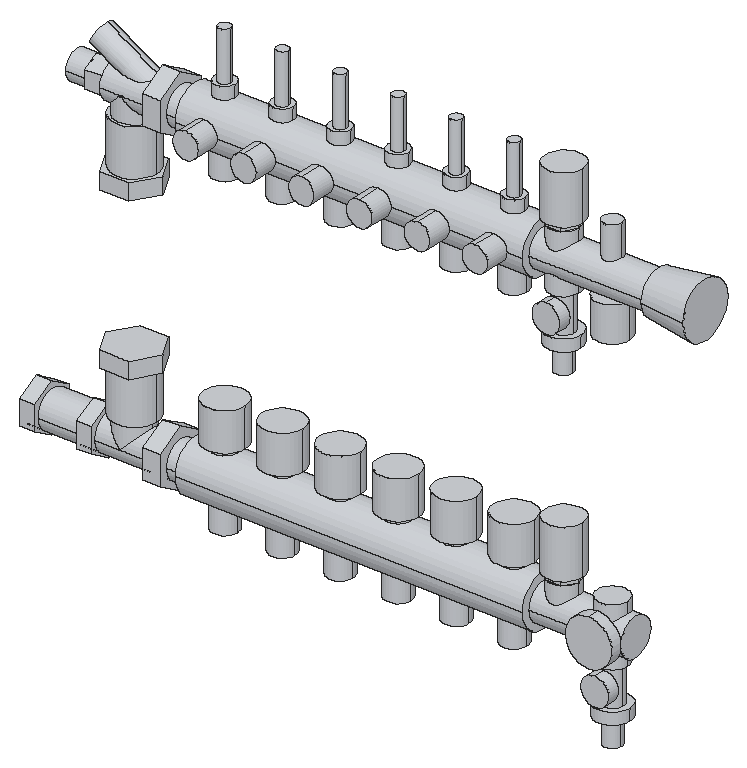
Revit family "318_1dab38ccfa9a4ba2b3cf6a35155c06", category Pipe Accessories, Revit 2017
Family settings
  Round Connector Dimension = Use Diameter
  Part Type = Valve - Normal
  Work Plane-Based = No
  Always vertical = Yes
  Cut with Voids When Loaded = No
  Shared = No
Parameters (values of type "R557FY006")
  magi_piping_qv_2_6 [instance] = 0.0 L/s
  magi_piping_qv_2_5 [instance] = 0.0 L/s
  magi_piping_qv_2_4 [instance] = 0.0 L/s
  magi_piping_qv_2_3 [instance] = 0.0 L/s
  magi_piping_qv_2_2 [instance] = 0.0 L/s
  magi_piping_qv_2_1 [instance] = 0.0 L/s
  magi_piping_qv_1_6 [instance] = 0.0 L/s
  magi_piping_qv_1_5 [instance] = 0.0 L/s
  magi_piping_qv_1_4 [instance] = 0.0 L/s
  magi_piping_qv_1_3 [instance] = 0.0 L/s
  magi_piping_qv_1_2 [instance] = 0.0 L/s
  magi_piping_qv_1_1 [instance] = 0.0 L/s
  magi_piping_qv [instance] = 0.0 L/s
  magi_piping_power_6 [instance] = 0 W
  magi_piping_power_5 [instance] = 0 W
  magi_piping_power_4 [instance] = 0 W
  magi_piping_power_3 [instance] = 0 W
  magi_piping_power_2 [instance] = 0 W
  magi_piping_power_1 [instance] = 0 W
  magi_piping_kv_6 [instance] = 0
  magi_piping_kv_5 [instance] = 0
  magi_piping_kv_4 [instance] = 0
  magi_piping_kv_3 [instance] = 0
  magi_piping_kv_2 [instance] = 0
  magi_piping_kv_1 [instance] = 0
  magi_piping_dpTot_6 [instance] = 0.0 Pa
  magi_piping_dpTot_5 [instance] = 0.0 Pa
  magi_piping_dpTot_4 [instance] = 0.0 Pa
  magi_piping_dpTot_3 [instance] = 0.0 Pa
  magi_piping_dpTot_2 [instance] = 0.0 Pa
  magi_piping_dpTot_1 [instance] = 0.0 Pa
  magi_adjustmentValue_6 [instance] = ""
  magi_adjustmentValue_5 [instance] = ""
  magi_adjustmentValue_4 [instance] = ""
  magi_adjustmentValue_3 [instance] = ""
  magi_adjustmentValue_2 [instance] = ""
  magi_adjustmentValue_1 [instance] = ""
  magiProductId = "1dab38ccfa9a4ba2b3cf6a35155c06"
  magiProductFamilyId = "1dab38ccfa9a4ba2b3cf6a35155c06"
  magiProductCode = "R557FY006"
  magiPartTypeId = 318
  X1 = 127 mm
  VersionID = "2.0/2016.10.37.0/GIACOMINI_R557FY_001"
  VL2__ve = -VL2  # -137 mm
  VL2 = 137 mm
  VL1 = 102 mm
  URL = "http://www.giacomini.com/en"
  SMP = 25 mm
  SBP9 = 18 mm
  SBP8 = 18 mm
  SBP7 = 18 mm
  SBP6 = 18 mm
  SBP5 = 18 mm
  SBP4 = 18 mm
  SBP3 = 18 mm
  SBP2 = 18 mm
  SBP12 = 18 mm
  SBP11 = 18 mm
  SBP10 = 18 mm
  SBP1 = 18 mm
  RMP = 25 mm
  RBP9 = 18 mm
  RBP8 = 18 mm
  RBP7 = 18 mm
  RBP6 = 18 mm
  RBP5 = 18 mm
  RBP4 = 18 mm
  RBP3 = 18 mm
  RBP2 = 18 mm
  RBP12 = 18 mm
  RBP11 = 18 mm
  RBP10 = 18 mm
  RBP1 = 18 mm
  R2 = 22 mm
  QmdConnectorList = "321;SMP;322;SBP1;323;SBP2;324;SBP3;325;SBP4;326;SBP5;327;SBP6;351;RMP;352;RBP1;353;RBP2;354;RBP3;355;RBP4;356;RBP5;357;RBP6"
  Productdata [instance] = "© Progman Oy, all rights reserved"
  N9 = no
  N8 = no
  N7 = no
  N6 = yes
  N5 = yes
  N4 = yes
  N3 = yes
  N12 = no
  N11 = no
  N10 = no
  Manufacturer = "Giacomini"
  MC_Default_elevation = 0 mm
  L = 300 mm
  I = 50 mm
  H5 = 33 mm
  H4 = 5 mm
  H3__ve = -H3  # -40 mm
  H3 = 40 mm
  H2__ve = -H2  # -20 mm
  H2 = 20 mm
  H12 = 42 mm
  H11 = 10 mm
  Flow supply main [instance] = Flow supply 1 + Flow supply 2 + Flow supply 3 + Flow supply 4 + Flow supply 5 + Flow supply 6  # 0.0 L/s
  Flow supply 6 [instance] = 0.0 L/s
  Flow supply 5 [instance] = 0.0 L/s
  Flow supply 4 [instance] = 0.0 L/s
  Flow supply 3 [instance] = 0.0 L/s
  Flow supply 2 [instance] = 0.0 L/s
  Flow supply 1 [instance] = 0.0 L/s
  Flow return main [instance] = Flow return 1 + Flow return 2 + Flow return 3 + Flow return 4 + Flow return 5 + Flow return 6  # 0.0 L/s
  Flow return 6 [instance] = 0.0 L/s
  Flow return 5 [instance] = 0.0 L/s
  Flow return 4 [instance] = 0.0 L/s
  Flow return 3 [instance] = 0.0 L/s
  Flow return 2 [instance] = 0.0 L/s
  Flow return 1 [instance] = 0.0 L/s
  E = 274 mm
  Description = "PREASSEMBLED MANIFOLD WITH FLOW METERS"
  D4 = 22 mm
  D32 = 10 mm
  D31 = 18 mm
  D2 = 44 mm
  CAT0 = yes
Reference planes
  plane 1 "Center (Front/Back)": y = 0
  plane 2 "XYPLANE": z = 0
  plane 3 "Center (Left/Right)": x = 0
  plane 4 "INIT_TEMP": y = 100
  plane 5 "386": y = -16
  plane 6 "385": z = -41
  plane 7 "384": z = -67
  plane 8 "383": z = -57
  plane 9 "382": y = -9
  plane 10 "381": z = -315
  plane 11 "380": z = -341
  plane 12 "379": z = -331
  plane 13 "378": z = -213
  plane 14 "377": z = -253
  plane 15 "376": z = -61
  plane 16 "375": z = -21
  plane 17 "374": x = 49
  plane 18 "373": x = 77
  plane 19 "372": x = 17
  plane 20 "371": x = 32
  plane 21 "370": x = -35
  plane 22 "369": x = 27
  plane 23 "368": x = 89
  plane 24 "367": x = -35
  plane 25 "366": x = 102
  plane 26 "365": z = -314
  plane 27 "364": z = -247
  plane 28 "363": z = -252
  plane 29 "362": z = -40
  plane 30 "361": x = 0
  plane 31 "360": y = 0
  plane 32 "359": z = -274
  plane 33 "358": z = 0
  plane 34 "357": z = 22
  plane 35 "356": x = 127
  plane 36 "355": x = 177
  plane 37 "354": y = -22
  plane 38 "353": x = 227
  plane 39 "352": z = 32
  plane 40 "351": x = 277
  plane 41 "350": x = 327
  plane 42 "349": x = 377
  plane 43 "348": x = 427
  plane 44 "347": x = 477
  plane 45 "346": x = 527
  plane 46 "345": x = 577
  plane 47 "344": x = 627
  plane 48 "343": x = 677
  plane 49 "342": x = 402
  plane 50 "341": x = 502
  plane 51 "340": x = 542
  plane 52 "339": x = 420
  plane 53 "338": z = -25
  plane 54 "337": z = 25
  plane 55 "336": z = 30
  plane 56 "335": z = -249
  plane 57 "334": z = -244
  plane 58 "333": z = -16
  plane 59 "332": x = 462
  plane 60 "331": z = -299
  plane 61 "1099": through (77, -750, 0) normal (0.866, 0, -0.5)
Forms (mm)
  Extrusion 1, solid
    sketch origin (750, -16, 0) x (-1, 0, 0) y (0, 0, 1)
      loop
        circle (288, -274) r 20
    from 0 to -10
  Extrusion 2, solid
    sketch origin (-750, 0, -67) x (1, 0, 0) y (0, 1, 0)
      loop
        circle (1170, 0) r 7.5
    from 0 to -22
  Extrusion 3, solid
    sketch origin (750, -9, 0) x (-1, 0, 0) y (0, 0, 1)
      loop
        circle (330, -41) r 12
    from 0 to -10
  Extrusion 4, solid
    sketch origin (750, -9, 0) x (-1, 0, 0) y (0, 0, 1)
      loop
        circle (288, -315) r 12
    from 0 to -10
  Extrusion 5, solid
    sketch origin (-750, 0, -341) x (1, 0, 0) y (0, 1, 0)
      loop
        circle (1212, 0) r 7.5
    from 0 to -22
  Extrusion 6, solid
    sketch origin (-750, 0, -57) x (1, 0, 0) y (0, 1, 0)
      loop
        circle (1170, 0) r 15
    from 0 to -10
  Extrusion 7, solid
    sketch origin (-750, 0, -331) x (1, 0, 0) y (0, 1, 0)
      loop
        circle (1212, 0) r 15
    from 0 to -10
  Extrusion 8, solid
    sketch origin (-750, 0, -299) x (1, 0, 0) y (0, 1, 0)
      loop
        circle (1212, 0) r 9
    from 0 to -32
  Extrusion 9, solid
    sketch origin (-750, 0, -253) x (1, 0, 0) y (0, 1, 0)
      loop
        circle (799, 0) r 19
    from 0 to 40
  Extrusion 10, solid
    sketch origin (-750, 0, -274) x (1, 0, 0) y (0, 1, 0)
      loop
        circle (799, 0) r 16
    from 0 to 21
  Extrusion 11, solid
    sketch origin (-750, 0, -213) x (1, 0, 0) y (0, 1, 0)
      loop
        line (824, 0) -> (811.5, 21.651) -> (786.5, 21.651) -> (774, 0) -> (786.5, -21.651) -> (811.5, -21.651) -> (824, 0)
    from 0 to 14
  Extrusion 12, solid
    sketch origin (-750, 0, -61) x (1, 0, 0) y (0, 1, 0)
      loop
        line (774, 0) -> (786.5, -21.651) -> (811.5, -21.651) -> (824, 0) -> (811.5, 21.651) -> (786.5, 21.651) -> (774, 0)
    from 0 to -14
  Extrusion 13, solid
    sketch origin (-750, 0, 0) x (1, 0, 0) y (0, 1, 0)
      loop
        circle (799, 0) r 16
    from 0 to -21
  Extrusion 14, solid
    sketch origin (-750, 0, -21) x (1, 0, 0) y (0, 1, 0)
      loop
        circle (799, 0) r 19
    from 0 to -40
  Extrusion 15, solid
    sketch origin (77, -750, 0) x (0, 1, 0) y (0.5, 0, 0.866025)
      loop
        circle (750, 0) r 10.5
    from 0 to -65
  Extrusion 16, solid, visible <- "CAT0"
    sketch origin (17, -750, 0) x (0, 1, 0) y (0, 0, 1)
      loop
        circle (750, 0) r 12.5
    from 0 to -17
  Extrusion 17, solid
    sketch origin (32, -750, 0) x (0, 1, 0) y (0, 0, 1)
      loop
        line (750, 15) -> (737.01, 7.5) -> (737.01, -7.5) -> (750, -15) -> (762.99, -7.5) -> (762.99, 7.5) -> (750, 15)
    from 0 to -15
  Extrusion 18, solid
    sketch origin (-35, -750, 0) x (0, 1, 0) y (0, 0, 1)
      loop
        line (750, -253) -> (731.813, -263.5) -> (731.813, -284.5) -> (750, -295) -> (768.187, -284.5) -> (768.187, -263.5) -> (750, -253)
    from 0 to 13
  Extrusion 19, solid
    sketch origin (27, -750, 0) x (0, 1, 0) y (0, 0, 1)
      loop
        line (750, -253) -> (731.813, -263.5) -> (731.813, -284.5) -> (750, -295) -> (768.187, -284.5) -> (768.187, -263.5) -> (750, -253)
    from 0 to -13
  Extrusion 20, solid
    sketch origin (102, -750, 0) x (0, 1, 0) y (0, 0, 1)
      loop
        circle (750, 0) r 16
    from 0 to -70
  Extrusion 21, solid
    sketch origin (89, -750, 0) x (0, 1, 0) y (0, 0, 1)
      loop
        line (750, 25) -> (728.349, 12.5) -> (728.349, -12.5) -> (750, -25) -> (771.651, -12.5) -> (771.651, 12.5) -> (750, 25)
    from 0 to -15
  Extrusion 22, solid
    sketch origin (89, -750, 0) x (0, 1, 0) y (0, 0, 1)
      loop
        line (750, -249) -> (728.349, -261.5) -> (728.349, -286.5) -> (750, -299) -> (771.651, -286.5) -> (771.651, -261.5) -> (750, -249)
    from 0 to -15
  Extrusion 23, solid
    sketch origin (102, -750, 0) x (0, 1, 0) y (0, 0, 1)
      loop
        circle (750, -274) r 16
    from 0 to -137 <- "VL2__ve"
  Extrusion 24, solid, visible <- "N10"
    sketch origin (-750, 0, -274) x (1, 0, 0) y (0, 1, 0)
      loop
        circle (1327, 0) r 11
    from 0 to -40 <- "H3__ve"
  Extrusion 25, solid, visible <- "N10"
    sketch origin (-750, 0, -252) x (1, 0, 0) y (0, 1, 0)
      loop
        circle (1327, 0) r 11
    from 0 to 5 <- "H4"
  Extrusion 26, solid, visible <- "N10"
    sketch origin (-750, 0, -247) x (1, 0, 0) y (0, 1, 0)
      loop
        circle (1327, 0) r 17.5
    from 0 to 33 <- "H5"
  Extrusion 27, solid, visible <- "N12"
    sketch origin (-750, 0, -247) x (1, 0, 0) y (0, 1, 0)
      loop
        circle (1427, 0) r 17.5
    from 0 to 33 <- "H5"
  Extrusion 28, solid, visible <- "N12"
    sketch origin (-750, 0, -252) x (1, 0, 0) y (0, 1, 0)
      loop
        circle (1427, 0) r 11
    from 0 to 5 <- "H4"
  Extrusion 29, solid, visible <- "N12"
    sketch origin (-750, 0, -274) x (1, 0, 0) y (0, 1, 0)
      loop
        circle (1427, 0) r 11
    from 0 to -40 <- "H3__ve"
  Extrusion 30, solid, visible <- "N11"
    sketch origin (-750, 0, -274) x (1, 0, 0) y (0, 1, 0)
      loop
        circle (1377, 0) r 11
    from 0 to -40 <- "H3__ve"
  Extrusion 31, solid, visible <- "N11"
    sketch origin (-750, 0, -252) x (1, 0, 0) y (0, 1, 0)
      loop
        circle (1377, 0) r 11
    from 0 to 5 <- "H4"
  Extrusion 32, solid, visible <- "N11"
    sketch origin (-750, 0, -247) x (1, 0, 0) y (0, 1, 0)
      loop
        circle (1377, 0) r 17.5
    from 0 to 33 <- "H5"
  Extrusion 33, solid, visible <- "N8"
    sketch origin (-750, 0, -247) x (1, 0, 0) y (0, 1, 0)
      loop
        circle (1227, 0) r 17.5
    from 0 to 33 <- "H5"
  Extrusion 34, solid, visible <- "N8"
    sketch origin (-750, 0, -252) x (1, 0, 0) y (0, 1, 0)
      loop
        circle (1227, 0) r 11
    from 0 to 5 <- "H4"
  Extrusion 35, solid, visible <- "N8"
    sketch origin (-750, 0, -274) x (1, 0, 0) y (0, 1, 0)
      loop
        circle (1227, 0) r 11
    from 0 to -40 <- "H3__ve"
  Extrusion 36, solid, visible <- "N9"
    sketch origin (-750, 0, -274) x (1, 0, 0) y (0, 1, 0)
      loop
        circle (1277, 0) r 11
    from 0 to -40 <- "H3__ve"
  Extrusion 37, solid, visible <- "N9"
    sketch origin (-750, 0, -252) x (1, 0, 0) y (0, 1, 0)
      loop
        circle (1277, 0) r 11
    from 0 to 5 <- "H4"
  Extrusion 38, solid, visible <- "N9"
    sketch origin (-750, 0, -247) x (1, 0, 0) y (0, 1, 0)
      loop
        circle (1277, 0) r 17.5
    from 0 to 33 <- "H5"
  Extrusion 39, solid, visible <- "N7"
    sketch origin (-750, 0, -247) x (1, 0, 0) y (0, 1, 0)
      loop
        circle (1177, 0) r 17.5
    from 0 to 33 <- "H5"
  Extrusion 40, solid, visible <- "N7"
    sketch origin (-750, 0, -252) x (1, 0, 0) y (0, 1, 0)
      loop
        circle (1177, 0) r 11
    from 0 to 5 <- "H4"
  Extrusion 41, solid, visible <- "N7"
    sketch origin (-750, 0, -274) x (1, 0, 0) y (0, 1, 0)
      loop
        circle (1177, 0) r 11
    from 0 to -40 <- "H3__ve"
  Extrusion 42, solid, visible <- "N6"
    sketch origin (-750, 0, -274) x (1, 0, 0) y (0, 1, 0)
      loop
        circle (1127, 0) r 11
    from 0 to -40 <- "H3__ve"
  Extrusion 43, solid, visible <- "N6"
    sketch origin (-750, 0, -252) x (1, 0, 0) y (0, 1, 0)
      loop
        circle (1127, 0) r 11
    from 0 to 5 <- "H4"
  Extrusion 44, solid, visible <- "N6"
    sketch origin (-750, 0, -247) x (1, 0, 0) y (0, 1, 0)
      loop
        circle (1127, 0) r 17.5
    from 0 to 33 <- "H5"
  Extrusion 45, solid, visible <- "N5"
    sketch origin (-750, 0, -247) x (1, 0, 0) y (0, 1, 0)
      loop
        circle (1077, 0) r 17.5
    from 0 to 33 <- "H5"
  Extrusion 46, solid, visible <- "N5"
    sketch origin (-750, 0, -252) x (1, 0, 0) y (0, 1, 0)
      loop
        circle (1077, 0) r 11
    from 0 to 5 <- "H4"
  Extrusion 47, solid, visible <- "N5"
    sketch origin (-750, 0, -274) x (1, 0, 0) y (0, 1, 0)
      loop
        circle (1077, 0) r 11
    from 0 to -40 <- "H3__ve"
  Extrusion 48, solid, visible <- "N4"
    sketch origin (-750, 0, -274) x (1, 0, 0) y (0, 1, 0)
      loop
        circle (1027, 0) r 11
    from 0 to -40 <- "H3__ve"
  Extrusion 49, solid, visible <- "N4"
    sketch origin (-750, 0, -252) x (1, 0, 0) y (0, 1, 0)
      loop
        circle (1027, 0) r 11
    from 0 to 5 <- "H4"
  Extrusion 50, solid, visible <- "N4"
    sketch origin (-750, 0, -247) x (1, 0, 0) y (0, 1, 0)
      loop
        circle (1027, 0) r 17.5
    from 0 to 33 <- "H5"
  Extrusion 51, solid, visible <- "N3"
    sketch origin (-750, 0, -247) x (1, 0, 0) y (0, 1, 0)
      loop
        circle (977, 0) r 17.5
    from 0 to 33 <- "H5"
  Extrusion 52, solid, visible <- "N3"
    sketch origin (-750, 0, -252) x (1, 0, 0) y (0, 1, 0)
      loop
        circle (977, 0) r 11
    from 0 to 5 <- "H4"
  Extrusion 53, solid
    sketch origin (-750, 0, -252) x (1, 0, 0) y (0, 1, 0)
      loop
        circle (927, 0) r 11
    from 0 to 5 <- "H4"
  Extrusion 54, solid
    sketch origin (-750, 0, -247) x (1, 0, 0) y (0, 1, 0)
      loop
        circle (927, 0) r 17.5
    from 0 to 33 <- "H5"
  Extrusion 55, solid
    sketch origin (-750, 0, -247) x (1, 0, 0) y (0, 1, 0)
      loop
        circle (877, 0) r 17.5
    from 0 to 33 <- "H5"
  Extrusion 56, solid
    sketch origin (-750, 0, -252) x (1, 0, 0) y (0, 1, 0)
      loop
        circle (877, 0) r 11
    from 0 to 5 <- "H4"
  Extrusion 57, solid, visible <- "N3"
    sketch origin (-750, 0, -274) x (1, 0, 0) y (0, 1, 0)
      loop
        circle (977, 0) r 11
    from 0 to -40 <- "H3__ve"
  Extrusion 58, solid
    sketch origin (-750, 0, -274) x (1, 0, 0) y (0, 1, 0)
      loop
        circle (877, 0) r 11
    from 0 to -40 <- "H3__ve"
  Extrusion 59, solid
    sketch origin (-750, 0, -274) x (1, 0, 0) y (0, 1, 0)
      loop
        circle (927, 0) r 11
    from 0 to -40 <- "H3__ve"
  Extrusion 60, solid
    sketch origin (102, -750, 0) x (0, 1, 0) y (0, 0, 1)
      loop
        circle (750, -274) r 22
    from 0 to 300 <- "L"
  Extrusion 61, solid, visible <- "N8"
    sketch origin (-750, 0, 0) x (1, 0, 0) y (0, 1, 0)
      loop
        circle (1227, 0) r 11
    from 0 to -40 <- "H3__ve"
  Extrusion 62, solid, visible <- "N9"
    sketch origin (-750, 0, 0) x (1, 0, 0) y (0, 1, 0)
      loop
        circle (1277, 0) r 11
    from 0 to -40 <- "H3__ve"
  Extrusion 63, solid, visible <- "N10"
    sketch origin (-750, 0, 0) x (1, 0, 0) y (0, 1, 0)
      loop
        circle (1327, 0) r 11
    from 0 to -40 <- "H3__ve"
  Extrusion 64, solid, visible <- "N11"
    sketch origin (-750, 0, 0) x (1, 0, 0) y (0, 1, 0)
      loop
        circle (1377, 0) r 11
    from 0 to -40 <- "H3__ve"
  Extrusion 65, solid, visible <- "N12"
    sketch origin (-750, 0, 0) x (1, 0, 0) y (0, 1, 0)
      loop
        circle (1427, 0) r 11
    from 0 to -40 <- "H3__ve"
  Extrusion 66, solid, visible <- "N7"
    sketch origin (-750, 0, 0) x (1, 0, 0) y (0, 1, 0)
      loop
        circle (1177, 0) r 11
    from 0 to -40 <- "H3__ve"
  Extrusion 67, solid, visible <- "N6"
    sketch origin (-750, 0, 0) x (1, 0, 0) y (0, 1, 0)
      loop
        circle (1127, 0) r 11
    from 0 to -40 <- "H3__ve"
  Extrusion 68, solid, visible <- "N5"
    sketch origin (-750, 0, 0) x (1, 0, 0) y (0, 1, 0)
      loop
        circle (1077, 0) r 11
    from 0 to -40 <- "H3__ve"
  Extrusion 69, solid, visible <- "N4"
    sketch origin (-750, 0, 0) x (1, 0, 0) y (0, 1, 0)
      loop
        circle (1027, 0) r 11
    from 0 to -40 <- "H3__ve"
  Extrusion 70, solid, visible <- "N3"
    sketch origin (-750, 0, 0) x (1, 0, 0) y (0, 1, 0)
      loop
        circle (977, 0) r 11
    from 0 to -40 <- "H3__ve"
  Extrusion 71, solid
    sketch origin (-750, 0, 0) x (1, 0, 0) y (0, 1, 0)
      loop
        circle (927, 0) r 11
    from 0 to -40 <- "H3__ve"
  Extrusion 72, solid
    sketch origin (-750, 0, 0) x (1, 0, 0) y (0, 1, 0)
      loop
        circle (877, 0) r 11
    from 0 to -40 <- "H3__ve"
  Extrusion 73, solid
    sketch origin (102, -750, 0) x (0, 1, 0) y (0, 0, 1)
      loop
        circle (750, 0) r 22
    from 0 to 300 <- "L"
  Extrusion 74, solid
    sketch origin (-750, 0, 22) x (1, 0, 0) y (0, 1, 0)
      loop
        circle (877, 0) r 9
    from 0 to 10 <- "H11"
  Extrusion 75, solid
    sketch origin (750, -22, 0) x (-1, 0, 0) y (0, 0, 1)
      loop
        circle (623, 0) r 11
    from 0 to -20 <- "H2__ve"
  Extrusion 76, solid
    sketch origin (750, -22, 0) x (-1, 0, 0) y (0, 0, 1)
      loop
        circle (573, 0) r 11
    from 0 to -20 <- "H2__ve"
  Extrusion 77, solid, visible <- "N3"
    sketch origin (750, -22, 0) x (-1, 0, 0) y (0, 0, 1)
      loop
        circle (523, 0) r 11
    from 0 to -20 <- "H2__ve"
  Extrusion 78, solid
    sketch origin (-750, 0, 32) x (1, 0, 0) y (0, 1, 0)
      loop
        circle (877, 0) r 5
    from 0 to 42 <- "H12"
  Extrusion 79, solid
    sketch origin (-750, 0, 32) x (1, 0, 0) y (0, 1, 0)
      loop
        circle (927, 0) r 5
    from 0 to 42 <- "H12"
  Extrusion 80, solid
    sketch origin (-750, 0, 22) x (1, 0, 0) y (0, 1, 0)
      loop
        circle (927, 0) r 9
    from 0 to 10 <- "H11"
  Extrusion 81, solid, visible <- "N3"
    sketch origin (-750, 0, 22) x (1, 0, 0) y (0, 1, 0)
      loop
        circle (977, 0) r 9
    from 0 to 10 <- "H11"
  Extrusion 82, solid, visible <- "N3"
    sketch origin (-750, 0, 32) x (1, 0, 0) y (0, 1, 0)
      loop
        circle (977, 0) r 5
    from 0 to 42 <- "H12"
  Extrusion 83, solid, visible <- "N4"
    sketch origin (-750, 0, 32) x (1, 0, 0) y (0, 1, 0)
      loop
        circle (1027, 0) r 5
    from 0 to 42 <- "H12"
  Extrusion 84, solid, visible <- "N4"
    sketch origin (-750, 0, 22) x (1, 0, 0) y (0, 1, 0)
      loop
        circle (1027, 0) r 9
    from 0 to 10 <- "H11"
  Extrusion 85, solid, visible <- "N4"
    sketch origin (750, -22, 0) x (-1, 0, 0) y (0, 0, 1)
      loop
        circle (473, 0) r 11
    from 0 to -20 <- "H2__ve"
  Extrusion 86, solid, visible <- "N5"
    sketch origin (750, -22, 0) x (-1, 0, 0) y (0, 0, 1)
      loop
        circle (423, 0) r 11
    from 0 to -20 <- "H2__ve"
  Extrusion 87, solid, visible <- "N5"
    sketch origin (-750, 0, 22) x (1, 0, 0) y (0, 1, 0)
      loop
        circle (1077, 0) r 9
    from 0 to 10 <- "H11"
  Extrusion 88, solid, visible <- "N5"
    sketch origin (-750, 0, 32) x (1, 0, 0) y (0, 1, 0)
      loop
        circle (1077, 0) r 5
    from 0 to 42 <- "H12"
  Extrusion 89, solid, visible <- "N6"
    sketch origin (-750, 0, 32) x (1, 0, 0) y (0, 1, 0)
      loop
        circle (1127, 0) r 5
    from 0 to 42 <- "H12"
  Extrusion 90, solid, visible <- "N6"
    sketch origin (-750, 0, 22) x (1, 0, 0) y (0, 1, 0)
      loop
        circle (1127, 0) r 9
    from 0 to 10 <- "H11"
  Extrusion 91, solid, visible <- "N6"
    sketch origin (750, -22, 0) x (-1, 0, 0) y (0, 0, 1)
      loop
        circle (373, 0) r 11
    from 0 to -20 <- "H2__ve"
  Extrusion 92, solid, visible <- "N7"
    sketch origin (750, -22, 0) x (-1, 0, 0) y (0, 0, 1)
      loop
        circle (323, 0) r 11
    from 0 to -20 <- "H2__ve"
  Extrusion 93, solid, visible <- "N7"
    sketch origin (-750, 0, 22) x (1, 0, 0) y (0, 1, 0)
      loop
        circle (1177, 0) r 9
    from 0 to 10 <- "H11"
  Extrusion 94, solid, visible <- "N7"
    sketch origin (-750, 0, 32) x (1, 0, 0) y (0, 1, 0)
      loop
        circle (1177, 0) r 5
    from 0 to 42 <- "H12"
  Extrusion 95, solid, visible <- "N8"
    sketch origin (-750, 0, 32) x (1, 0, 0) y (0, 1, 0)
      loop
        circle (1227, 0) r 5
    from 0 to 42 <- "H12"
  Extrusion 96, solid, visible <- "N8"
    sketch origin (-750, 0, 22) x (1, 0, 0) y (0, 1, 0)
      loop
        circle (1227, 0) r 9
    from 0 to 10 <- "H11"
  Extrusion 97, solid, visible <- "N8"
    sketch origin (750, -22, 0) x (-1, 0, 0) y (0, 0, 1)
      loop
        circle (273, 0) r 11
    from 0 to -20 <- "H2__ve"
  Extrusion 98, solid, visible <- "N10"
    sketch origin (750, -22, 0) x (-1, 0, 0) y (0, 0, 1)
      loop
        circle (173, 0) r 11
    from 0 to -20 <- "H2__ve"
  Extrusion 99, solid, visible <- "N10"
    sketch origin (-750, 0, 22) x (1, 0, 0) y (0, 1, 0)
      loop
        circle (1327, 0) r 9
    from 0 to 10 <- "H11"
  Extrusion 100, solid, visible <- "N10"
    sketch origin (-750, 0, 32) x (1, 0, 0) y (0, 1, 0)
      loop
        circle (1327, 0) r 5
    from 0 to 42 <- "H12"
  Extrusion 101, solid, visible <- "N9"
    sketch origin (-750, 0, 32) x (1, 0, 0) y (0, 1, 0)
      loop
        circle (1277, 0) r 5
    from 0 to 42 <- "H12"
  Extrusion 102, solid, visible <- "N9"
    sketch origin (-750, 0, 22) x (1, 0, 0) y (0, 1, 0)
      loop
        circle (1277, 0) r 9
    from 0 to 10 <- "H11"
  Extrusion 103, solid, visible <- "N9"
    sketch origin (750, -22, 0) x (-1, 0, 0) y (0, 0, 1)
      loop
        circle (223, 0) r 11
    from 0 to -20 <- "H2__ve"
  Extrusion 104, solid, visible <- "N11"
    sketch origin (-750, 0, 32) x (1, 0, 0) y (0, 1, 0)
      loop
        circle (1377, 0) r 5
    from 0 to 42 <- "H12"
  Extrusion 105, solid, visible <- "N11"
    sketch origin (-750, 0, 22) x (1, 0, 0) y (0, 1, 0)
      loop
        circle (1377, 0) r 9
    from 0 to 10 <- "H11"
  Extrusion 106, solid, visible <- "N11"
    sketch origin (750, -22, 0) x (-1, 0, 0) y (0, 0, 1)
      loop
        circle (123, 0) r 11
    from 0 to -20 <- "H2__ve"
  Extrusion 107, solid, visible <- "N12"
    sketch origin (750, -22, 0) x (-1, 0, 0) y (0, 0, 1)
      loop
        circle (73, 0) r 11
    from 0 to -20 <- "H2__ve"
  Extrusion 108, solid, visible <- "N12"
    sketch origin (-750, 0, 22) x (1, 0, 0) y (0, 1, 0)
      loop
        circle (1427, 0) r 9
    from 0 to 10 <- "H11"
  Extrusion 109, solid, visible <- "N12"
    sketch origin (-750, 0, 32) x (1, 0, 0) y (0, 1, 0)
      loop
        circle (1427, 0) r 5
    from 0 to 42 <- "H12"
  Extrusion 110, solid
    sketch origin (402, -750, 0) x (0, 1, 0) y (0, 0, 1)
      loop
        circle (750, 0) r 16
    from 0 to 100
  Blend 111, solid
    base sketch origin (502, -750, 0) x (0, 1, 0) y (0, 0, 1)
      loop
        circle (750, 0) r 19
    top sketch origin (502, -750, 0) x (0, 1, 0) y (0, 0, 1)
      loop
        circle (750, 0) r 24
    from 0 to 40
  Extrusion 112, solid
    sketch origin (-750, 0, -25) x (1, 0, 0) y (0, 1, 0)
      loop
        circle (1170, 0) r 13
    from 0 to 50
  Extrusion 113, solid
    sketch origin (-750, 0, 25) x (1, 0, 0) y (0, 1, 0)
      loop
        line (1183, 0) -> (1176.5, 11.258) -> (1163.5, 11.258) -> (1157, 0) -> (1163.5, -11.258) -> (1176.5, -11.258) -> (1183, 0)
    from 0 to 5
  Extrusion 114, solid
    sketch origin (-750, 0, 30) x (1, 0, 0) y (0, 1, 0)
      loop
        circle (1170, 0) r 16
    from 0 to 42
  Extrusion 115, solid
    sketch origin (402, -750, 0) x (0, 1, 0) y (0, 0, 1)
      loop
        circle (750, -274) r 16
    from 0 to 80
  Extrusion 116, solid
    sketch origin (-750, 0, -274) x (1, 0, 0) y (0, 1, 0)
      loop
        circle (1170, 0) r 13
    from 0 to 25
  Extrusion 117, solid
    sketch origin (-750, 0, -244) x (1, 0, 0) y (0, 1, 0)
      loop
        circle (1170, 0) r 16
    from 0 to 42
  Extrusion 118, solid
    sketch origin (-750, 0, -249) x (1, 0, 0) y (0, 1, 0)
      loop
        line (1183, 0) -> (1176.5, 11.258) -> (1163.5, 11.258) -> (1157, 0) -> (1163.5, -11.258) -> (1176.5, -11.258) -> (1183, 0)
    from 0 to 5
  Extrusion 119, solid, visible <- "CAT0"
    sketch origin (-750, 0, -16) x (1, 0, 0) y (0, 1, 0)
      loop
        circle (1212, 0) r 15
    from 0 to -30
  Extrusion 120, solid, visible <- "CAT0"
    sketch origin (-750, 0, 0) x (1, 0, 0) y (0, 1, 0)
      loop
        circle (1212, 0) r 8
    from 0 to 42
  Extrusion 121, solid
    sketch origin (-750, 0, -25) x (1, 0, 0) y (0, 1, 0)
      loop
        circle (1170, 0) r 9
    from 0 to -32
  Extrusion 122, solid
    sketch origin (-750, 0, -299) x (1, 0, 0) y (0, 1, 0)
      loop
        circle (1212, 0) r 13
    from 0 to 50
  Extrusion 123, solid, not visible
    sketch origin (-750, 0, -314) x (1, 0, 0) y (0, 1, 0)
      loop
        circle (1127, 0) r 10
    from 0 to 10
  Extrusion 124, solid, not visible
    sketch origin (-750, 0, -314) x (1, 0, 0) y (0, 1, 0)
      loop
        circle (1077, 0) r 10
    from 0 to 10
  Extrusion 125, solid, not visible
    sketch origin (-750, 0, -314) x (1, 0, 0) y (0, 1, 0)
      loop
        circle (1027, 0) r 10
    from 0 to 10
  Extrusion 126, solid, not visible
    sketch origin (-750, 0, -314) x (1, 0, 0) y (0, 1, 0)
      loop
        circle (927, 0) r 10
    from 0 to 10
  Extrusion 127, solid, not visible
    sketch origin (-750, 0, -314) x (1, 0, 0) y (0, 1, 0)
      loop
        circle (877, 0) r 10
    from 0 to 10
  Extrusion 128, solid, not visible
    sketch origin (-750, 0, -314) x (1, 0, 0) y (0, 1, 0)
      loop
        circle (977, 0) r 10
    from 0 to 10
  Extrusion 129, solid, not visible
    sketch origin (-750, 0, -40) x (1, 0, 0) y (0, 1, 0)
      loop
        circle (1127, 0) r 10
    from 0 to 10
  Extrusion 130, solid, not visible
    sketch origin (-750, 0, -40) x (1, 0, 0) y (0, 1, 0)
      loop
        circle (1077, 0) r 10
    from 0 to 10
  Extrusion 131, solid, not visible
    sketch origin (-750, 0, -40) x (1, 0, 0) y (0, 1, 0)
      loop
        circle (1027, 0) r 10
    from 0 to 10
  Extrusion 132, solid, not visible
    sketch origin (-750, 0, -40) x (1, 0, 0) y (0, 1, 0)
      loop
        circle (977, 0) r 10
    from 0 to 10
  Extrusion 133, solid, not visible
    sketch origin (0, -750, 0) x (0, 1, 0) y (0, 0, 1)
      loop
        circle (750, 0) r 10
    from 0 to 10
  Extrusion 134, solid, not visible
    sketch origin (-35, -750, 0) x (0, 1, 0) y (0, 0, 1)
      loop
        circle (750, -274) r 10
    from 0 to 10
  Extrusion 135, solid, not visible
    sketch origin (-750, 0, -40) x (1, 0, 0) y (0, 1, 0)
      loop
        circle (877, 0) r 10
    from 0 to 10
  Extrusion 136, solid, not visible
    sketch origin (-750, 0, -40) x (1, 0, 0) y (0, 1, 0)
      loop
        circle (927, 0) r 10
    from 0 to 10
Text (mm)
  text "© Progman Oy, all rights reserved" at (-472.209, -2482.653, 0), in view "Ref. Level"
Dimensions and locks
  plane 4 "INIT_TEMP" to plane 1 "Center (Front/Back)" = 100 mm
  locked: plane 1 "Center (Front/Back)" to plane 5 "386" at 16
  locked: plane 53 "338" to plane 6 "385" at 16
  locked: plane 8 "383" to plane 7 "384" at 10
  locked: plane 53 "338" to plane 8 "383" at 32
  locked: plane 1 "Center (Front/Back)" to plane 9 "382" at 9
  locked: plane 60 "331" to plane 10 "381" at 16
  locked: plane 12 "379" to plane 11 "380" at 10
  locked: plane 60 "331" to plane 12 "379" at 32
  locked: plane 14 "377" to plane 13 "378" at 40
  locked: plane 32 "359" to plane 14 "377" at 21
  locked: plane 16 "375" to plane 15 "376" at 40
  locked: plane 2 "XYPLANE" to plane 16 "375" at 21
  locked: plane 25 "366" to plane 17 "374" at 53
  locked: plane 25 "366" to plane 18 "373" at 25
  locked: plane 20 "371" to plane 19 "372" at 15
  locked: plane 25 "366" to plane 20 "371" at 70
  "VL2": plane 25 "366" to plane 21 "370"
  locked: plane 23 "368" to plane 22 "369" at 62
  locked: plane 25 "366" to plane 23 "368" at 13
  "VL2": plane 25 "366" to plane 24 "367"
  "VL1": plane 3 "Center (Left/Right)" to plane 25 "366"
  "H3": plane 32 "359" to plane 26 "365"
  "H4": plane 28 "363" to plane 27 "364"
  "R2": plane 32 "359" to plane 28 "363"
  "H3": plane 2 "XYPLANE" to plane 29 "362"
  locked: plane 3 "Center (Left/Right)" to plane 30 "361"
  locked: plane 1 "Center (Front/Back)" to plane 31 "360"
  "E": plane 2 "XYPLANE" to plane 32 "359"
  locked: plane 2 "XYPLANE" to plane 33 "358"
  "R2": plane 2 "XYPLANE" to plane 34 "357"
  "X1": plane 3 "Center (Left/Right)" to plane 35 "356"
  "I": plane 35 "356" to plane 36 "355"
  "R2": plane 1 "Center (Front/Back)" to plane 37 "354"
  "I": plane 36 "355" to plane 38 "353"
  "H11": plane 34 "357" to plane 39 "352"
  "I": plane 38 "353" to plane 40 "351"
  "I": plane 40 "351" to plane 41 "350"
  "I": plane 41 "350" to plane 42 "349"
  "I": plane 42 "349" to plane 43 "348"
  "I": plane 43 "348" to plane 44 "347"
  "I": plane 44 "347" to plane 45 "346"
  "I": plane 45 "346" to plane 46 "345"
  "I": plane 46 "345" to plane 47 "344"
  "I": plane 47 "344" to plane 48 "343"
  "L": plane 25 "366" to plane 49 "342"
  locked: plane 49 "342" to plane 50 "341" at 100
  locked: plane 50 "341" to plane 51 "340" at 40
  locked: plane 49 "342" to plane 52 "339" at 18
  locked: plane 2 "XYPLANE" to plane 53 "338" at 25
  locked: plane 53 "338" to plane 54 "337" at 50
  locked: plane 54 "337" to plane 55 "336" at 5
  locked: plane 32 "359" to plane 56 "335" at 25
  locked: plane 56 "335" to plane 57 "334" at 5
  locked: plane 2 "XYPLANE" to plane 58 "333" at 16
  locked: plane 49 "342" to plane 59 "332" at 60
  locked: plane 32 "359" to plane 60 "331" at 25
  "D4": diameter of Extrusion 24 sketch curve
  "D4": diameter of Extrusion 25 sketch curve
  diameter of Extrusion 26 sketch curve = 35 mm
  diameter of Extrusion 27 sketch curve = 35 mm
  "D4": diameter of Extrusion 28 sketch curve
  "D4": diameter of Extrusion 29 sketch curve
  "D4": diameter of Extrusion 30 sketch curve
  "D4": diameter of Extrusion 31 sketch curve
  diameter of Extrusion 32 sketch curve = 35 mm
  diameter of Extrusion 33 sketch curve = 35 mm
  "D4": diameter of Extrusion 34 sketch curve
  "D4": diameter of Extrusion 35 sketch curve
  "D4": diameter of Extrusion 36 sketch curve
  "D4": diameter of Extrusion 37 sketch curve
  diameter of Extrusion 38 sketch curve = 35 mm
  diameter of Extrusion 39 sketch curve = 35 mm
  "D4": diameter of Extrusion 40 sketch curve
  "D4": diameter of Extrusion 41 sketch curve
  "D4": diameter of Extrusion 42 sketch curve
  "D4": diameter of Extrusion 43 sketch curve
  diameter of Extrusion 44 sketch curve = 35 mm
  diameter of Extrusion 45 sketch curve = 35 mm
  "D4": diameter of Extrusion 46 sketch curve
  "D4": diameter of Extrusion 47 sketch curve
  "D4": diameter of Extrusion 48 sketch curve
  "D4": diameter of Extrusion 49 sketch curve
  diameter of Extrusion 50 sketch curve = 35 mm
  diameter of Extrusion 51 sketch curve = 35 mm
  "D4": diameter of Extrusion 52 sketch curve
  "D4": diameter of Extrusion 53 sketch curve
  diameter of Extrusion 54 sketch curve = 35 mm
  diameter of Extrusion 55 sketch curve = 35 mm
  "D4": diameter of Extrusion 56 sketch curve
  "D4": diameter of Extrusion 57 sketch curve
  "D4": diameter of Extrusion 58 sketch curve
  "D4": diameter of Extrusion 59 sketch curve
  "D2": diameter of Extrusion 60 sketch curve
  "D4": diameter of Extrusion 61 sketch curve
  "D4": diameter of Extrusion 62 sketch curve
  "D4": diameter of Extrusion 63 sketch curve
  "D4": diameter of Extrusion 64 sketch curve
  "D4": diameter of Extrusion 65 sketch curve
  "D4": diameter of Extrusion 66 sketch curve
  "D4": diameter of Extrusion 67 sketch curve
  "D4": diameter of Extrusion 68 sketch curve
  "D4": diameter of Extrusion 69 sketch curve
  "D4": diameter of Extrusion 70 sketch curve
  "D4": diameter of Extrusion 71 sketch curve
  "D4": diameter of Extrusion 72 sketch curve
  "D2": diameter of Extrusion 73 sketch curve
  "D31": diameter of Extrusion 74 sketch curve
  "D4": diameter of Extrusion 75 sketch curve
  "D4": diameter of Extrusion 76 sketch curve
  "D4": diameter of Extrusion 77 sketch curve
  "D32": diameter of Extrusion 78 sketch curve
  "D32": diameter of Extrusion 79 sketch curve
  "D31": diameter of Extrusion 80 sketch curve
  "D31": diameter of Extrusion 81 sketch curve
  "D32": diameter of Extrusion 82 sketch curve
  "D32": diameter of Extrusion 83 sketch curve
  "D31": diameter of Extrusion 84 sketch curve
  "D4": diameter of Extrusion 85 sketch curve
  "D4": diameter of Extrusion 86 sketch curve
  "D31": diameter of Extrusion 87 sketch curve
  "D32": diameter of Extrusion 88 sketch curve
  "D32": diameter of Extrusion 89 sketch curve
  "D31": diameter of Extrusion 90 sketch curve
  "D4": diameter of Extrusion 91 sketch curve
  "D4": diameter of Extrusion 92 sketch curve
  "D31": diameter of Extrusion 93 sketch curve
  "D32": diameter of Extrusion 94 sketch curve
  "D32": diameter of Extrusion 95 sketch curve
  "D31": diameter of Extrusion 96 sketch curve
  "D4": diameter of Extrusion 97 sketch curve
  "D4": diameter of Extrusion 98 sketch curve
  "D31": diameter of Extrusion 99 sketch curve
  "D32": diameter of Extrusion 100 sketch curve
  "D32": diameter of Extrusion 101 sketch curve
  "D31": diameter of Extrusion 102 sketch curve
  "D4": diameter of Extrusion 103 sketch curve
  "D32": diameter of Extrusion 104 sketch curve
  "D31": diameter of Extrusion 105 sketch curve
  "D4": diameter of Extrusion 106 sketch curve
  "D4": diameter of Extrusion 107 sketch curve
  "D31": diameter of Extrusion 108 sketch curve
  "D32": diameter of Extrusion 109 sketch curve
  aligned and locked: level to plane 2 "XYPLANE"
  aligned and locked: plane 32 "359" to Extrusion 1 sketch curve
  aligned and locked: plane 59 "332" to Extrusion 1 sketch curve
  aligned and locked: plane 31 "360" to Extrusion 2 sketch curve
  aligned and locked: plane 52 "339" to Extrusion 2 sketch curve
  aligned and locked: plane 6 "385" to Extrusion 3 sketch curve
  aligned and locked: plane 52 "339" to Extrusion 3 sketch curve
  aligned and locked: plane 10 "381" to Extrusion 4 sketch curve
  aligned and locked: plane 59 "332" to Extrusion 4 sketch curve
  aligned and locked: plane 31 "360" to Extrusion 5 sketch curve
  aligned and locked: plane 59 "332" to Extrusion 5 sketch curve
  aligned and locked: plane 31 "360" to Extrusion 6 sketch curve
  aligned and locked: plane 52 "339" to Extrusion 6 sketch curve
  aligned and locked: plane 31 "360" to Extrusion 7 sketch curve
  aligned and locked: plane 59 "332" to Extrusion 7 sketch curve
  aligned and locked: plane 31 "360" to Extrusion 8 sketch curve
  aligned and locked: plane 59 "332" to Extrusion 8 sketch curve
  aligned and locked: plane 17 "374" to Extrusion 9 sketch curve
  aligned and locked: plane 31 "360" to Extrusion 9 sketch curve
  aligned and locked: plane 17 "374" to Extrusion 10 sketch curve
  aligned and locked: plane 31 "360" to Extrusion 10 sketch curve
  aligned and locked: plane 17 "374" to Extrusion 13 sketch curve
  aligned and locked: plane 31 "360" to Extrusion 13 sketch curve
  aligned and locked: plane 17 "374" to Extrusion 14 sketch curve
  aligned and locked: plane 31 "360" to Extrusion 14 sketch curve
  aligned and locked: plane 31 "360" to Extrusion 15 sketch curve
  aligned and locked: Extrusion 16 sketch curve to plane 31 "360"
  aligned and locked: plane 33 "358" to Extrusion 16 sketch curve
  aligned and locked: Extrusion 20 sketch curve to plane 31 "360"
  aligned and locked: plane 33 "358" to Extrusion 20 sketch curve
  aligned and locked: Extrusion 23 sketch curve to plane 31 "360"
  aligned and locked: plane 32 "359" to Extrusion 23 sketch curve
  aligned and locked: plane 31 "360" to Extrusion 24 sketch curve
  aligned and locked: plane 46 "345" to Extrusion 24 sketch curve
  aligned and locked: plane 31 "360" to Extrusion 25 sketch curve
  aligned and locked: plane 46 "345" to Extrusion 25 sketch curve
  aligned and locked: plane 31 "360" to Extrusion 26 sketch curve
  aligned and locked: plane 46 "345" to Extrusion 26 sketch curve
  aligned and locked: plane 31 "360" to Extrusion 27 sketch curve
  aligned and locked: plane 48 "343" to Extrusion 27 sketch curve
  aligned and locked: plane 31 "360" to Extrusion 28 sketch curve
  aligned and locked: plane 48 "343" to Extrusion 28 sketch curve
  aligned and locked: plane 31 "360" to Extrusion 29 sketch curve
  aligned and locked: plane 48 "343" to Extrusion 29 sketch curve
  aligned and locked: plane 31 "360" to Extrusion 30 sketch curve
  aligned and locked: plane 47 "344" to Extrusion 30 sketch curve
  aligned and locked: plane 31 "360" to Extrusion 31 sketch curve
  aligned and locked: plane 47 "344" to Extrusion 31 sketch curve
  aligned and locked: plane 31 "360" to Extrusion 32 sketch curve
  aligned and locked: plane 47 "344" to Extrusion 32 sketch curve
  aligned and locked: plane 31 "360" to Extrusion 33 sketch curve
  aligned and locked: plane 44 "347" to Extrusion 33 sketch curve
  aligned and locked: plane 31 "360" to Extrusion 34 sketch curve
  aligned and locked: plane 44 "347" to Extrusion 34 sketch curve
  aligned and locked: plane 31 "360" to Extrusion 35 sketch curve
  aligned and locked: plane 44 "347" to Extrusion 35 sketch curve
  aligned and locked: plane 31 "360" to Extrusion 36 sketch curve
  aligned and locked: plane 45 "346" to Extrusion 36 sketch curve
  aligned and locked: plane 31 "360" to Extrusion 37 sketch curve
  aligned and locked: plane 45 "346" to Extrusion 37 sketch curve
  aligned and locked: plane 31 "360" to Extrusion 38 sketch curve
  aligned and locked: plane 45 "346" to Extrusion 38 sketch curve
  aligned and locked: plane 31 "360" to Extrusion 39 sketch curve
  aligned and locked: plane 43 "348" to Extrusion 39 sketch curve
  aligned and locked: plane 31 "360" to Extrusion 40 sketch curve
  aligned and locked: plane 43 "348" to Extrusion 40 sketch curve
  aligned and locked: plane 31 "360" to Extrusion 41 sketch curve
  aligned and locked: plane 43 "348" to Extrusion 41 sketch curve
  aligned and locked: plane 31 "360" to Extrusion 42 sketch curve
  aligned and locked: plane 42 "349" to Extrusion 42 sketch curve
  aligned and locked: plane 31 "360" to Extrusion 43 sketch curve
  aligned and locked: plane 42 "349" to Extrusion 43 sketch curve
  aligned and locked: plane 31 "360" to Extrusion 44 sketch curve
  aligned and locked: plane 42 "349" to Extrusion 44 sketch curve
  aligned and locked: plane 31 "360" to Extrusion 45 sketch curve
  aligned and locked: plane 41 "350" to Extrusion 45 sketch curve
  aligned and locked: plane 31 "360" to Extrusion 46 sketch curve
  aligned and locked: plane 41 "350" to Extrusion 46 sketch curve
  aligned and locked: plane 31 "360" to Extrusion 47 sketch curve
  aligned and locked: plane 41 "350" to Extrusion 47 sketch curve
  aligned and locked: plane 31 "360" to Extrusion 48 sketch curve
  aligned and locked: plane 40 "351" to Extrusion 48 sketch curve
  aligned and locked: plane 31 "360" to Extrusion 49 sketch curve
  aligned and locked: plane 40 "351" to Extrusion 49 sketch curve
  aligned and locked: plane 31 "360" to Extrusion 50 sketch curve
  aligned and locked: plane 40 "351" to Extrusion 50 sketch curve
  aligned and locked: plane 31 "360" to Extrusion 51 sketch curve
  aligned and locked: plane 38 "353" to Extrusion 51 sketch curve
  aligned and locked: plane 31 "360" to Extrusion 52 sketch curve
  aligned and locked: plane 38 "353" to Extrusion 52 sketch curve
  aligned and locked: plane 31 "360" to Extrusion 53 sketch curve
  aligned and locked: plane 36 "355" to Extrusion 53 sketch curve
  aligned and locked: plane 31 "360" to Extrusion 54 sketch curve
  aligned and locked: plane 36 "355" to Extrusion 54 sketch curve
  aligned and locked: plane 31 "360" to Extrusion 55 sketch curve
  aligned and locked: plane 35 "356" to Extrusion 55 sketch curve
  aligned and locked: plane 31 "360" to Extrusion 56 sketch curve
  aligned and locked: plane 35 "356" to Extrusion 56 sketch curve
  aligned and locked: plane 31 "360" to Extrusion 57 sketch curve
  aligned and locked: plane 38 "353" to Extrusion 57 sketch curve
  aligned and locked: plane 31 "360" to Extrusion 58 sketch curve
  aligned and locked: plane 35 "356" to Extrusion 58 sketch curve
  aligned and locked: plane 31 "360" to Extrusion 59 sketch curve
  aligned and locked: plane 36 "355" to Extrusion 59 sketch curve
  aligned and locked: Extrusion 60 sketch curve to plane 31 "360"
  aligned and locked: plane 32 "359" to Extrusion 60 sketch curve
  aligned and locked: plane 31 "360" to Extrusion 61 sketch curve
  aligned and locked: plane 44 "347" to Extrusion 61 sketch curve
  aligned and locked: plane 31 "360" to Extrusion 62 sketch curve
  aligned and locked: plane 45 "346" to Extrusion 62 sketch curve
  aligned and locked: plane 31 "360" to Extrusion 63 sketch curve
  aligned and locked: plane 46 "345" to Extrusion 63 sketch curve
  aligned and locked: plane 31 "360" to Extrusion 64 sketch curve
  aligned and locked: plane 47 "344" to Extrusion 64 sketch curve
  aligned and locked: plane 31 "360" to Extrusion 65 sketch curve
  aligned and locked: plane 48 "343" to Extrusion 65 sketch curve
  aligned and locked: plane 31 "360" to Extrusion 66 sketch curve
  aligned and locked: plane 43 "348" to Extrusion 66 sketch curve
  aligned and locked: plane 31 "360" to Extrusion 67 sketch curve
  aligned and locked: plane 42 "349" to Extrusion 67 sketch curve
  aligned and locked: plane 31 "360" to Extrusion 68 sketch curve
  aligned and locked: plane 41 "350" to Extrusion 68 sketch curve
  aligned and locked: plane 31 "360" to Extrusion 69 sketch curve
  aligned and locked: plane 40 "351" to Extrusion 69 sketch curve
  aligned and locked: plane 31 "360" to Extrusion 70 sketch curve
  aligned and locked: plane 38 "353" to Extrusion 70 sketch curve
  aligned and locked: plane 31 "360" to Extrusion 71 sketch curve
  aligned and locked: plane 36 "355" to Extrusion 71 sketch curve
  aligned and locked: plane 31 "360" to Extrusion 72 sketch curve
  aligned and locked: plane 35 "356" to Extrusion 72 sketch curve
  aligned and locked: Extrusion 73 sketch curve to plane 31 "360"
  aligned and locked: plane 33 "358" to Extrusion 73 sketch curve
  aligned and locked: plane 31 "360" to Extrusion 74 sketch curve
  aligned and locked: plane 35 "356" to Extrusion 74 sketch curve
  aligned and locked: plane 33 "358" to Extrusion 75 sketch curve
  aligned and locked: plane 35 "356" to Extrusion 75 sketch curve
  aligned and locked: plane 33 "358" to Extrusion 76 sketch curve
  aligned and locked: plane 36 "355" to Extrusion 76 sketch curve
  aligned and locked: plane 33 "358" to Extrusion 77 sketch curve
  aligned and locked: plane 38 "353" to Extrusion 77 sketch curve
  aligned and locked: plane 31 "360" to Extrusion 78 sketch curve
  aligned and locked: plane 35 "356" to Extrusion 78 sketch curve
  aligned and locked: plane 31 "360" to Extrusion 79 sketch curve
  aligned and locked: plane 36 "355" to Extrusion 79 sketch curve
  aligned and locked: plane 31 "360" to Extrusion 80 sketch curve
  aligned and locked: plane 36 "355" to Extrusion 80 sketch curve
  aligned and locked: plane 31 "360" to Extrusion 81 sketch curve
  aligned and locked: plane 38 "353" to Extrusion 81 sketch curve
  aligned and locked: plane 31 "360" to Extrusion 82 sketch curve
  aligned and locked: plane 38 "353" to Extrusion 82 sketch curve
  aligned and locked: plane 31 "360" to Extrusion 83 sketch curve
  aligned and locked: plane 40 "351" to Extrusion 83 sketch curve
  aligned and locked: plane 31 "360" to Extrusion 84 sketch curve
  aligned and locked: plane 40 "351" to Extrusion 84 sketch curve
  aligned and locked: plane 33 "358" to Extrusion 85 sketch curve
  aligned and locked: plane 40 "351" to Extrusion 85 sketch curve
  aligned and locked: plane 33 "358" to Extrusion 86 sketch curve
  aligned and locked: plane 41 "350" to Extrusion 86 sketch curve
  aligned and locked: plane 31 "360" to Extrusion 87 sketch curve
  aligned and locked: plane 41 "350" to Extrusion 87 sketch curve
  aligned and locked: plane 31 "360" to Extrusion 88 sketch curve
  aligned and locked: plane 41 "350" to Extrusion 88 sketch curve
  aligned and locked: plane 31 "360" to Extrusion 89 sketch curve
  aligned and locked: plane 42 "349" to Extrusion 89 sketch curve
  aligned and locked: plane 31 "360" to Extrusion 90 sketch curve
  aligned and locked: plane 42 "349" to Extrusion 90 sketch curve
  aligned and locked: plane 33 "358" to Extrusion 91 sketch curve
  aligned and locked: plane 42 "349" to Extrusion 91 sketch curve
  aligned and locked: plane 33 "358" to Extrusion 92 sketch curve
  aligned and locked: plane 43 "348" to Extrusion 92 sketch curve
  aligned and locked: plane 31 "360" to Extrusion 93 sketch curve
  aligned and locked: plane 43 "348" to Extrusion 93 sketch curve
  aligned and locked: plane 31 "360" to Extrusion 94 sketch curve
  aligned and locked: plane 43 "348" to Extrusion 94 sketch curve
  aligned and locked: plane 31 "360" to Extrusion 95 sketch curve
  aligned and locked: plane 44 "347" to Extrusion 95 sketch curve
  aligned and locked: plane 31 "360" to Extrusion 96 sketch curve
  aligned and locked: plane 44 "347" to Extrusion 96 sketch curve
  aligned and locked: plane 33 "358" to Extrusion 97 sketch curve
  aligned and locked: plane 44 "347" to Extrusion 97 sketch curve
  aligned and locked: plane 33 "358" to Extrusion 98 sketch curve
  aligned and locked: plane 46 "345" to Extrusion 98 sketch curve
  aligned and locked: plane 31 "360" to Extrusion 99 sketch curve
  aligned and locked: plane 46 "345" to Extrusion 99 sketch curve
  aligned and locked: plane 31 "360" to Extrusion 100 sketch curve
  aligned and locked: plane 46 "345" to Extrusion 100 sketch curve
  aligned and locked: plane 31 "360" to Extrusion 101 sketch curve
  aligned and locked: plane 45 "346" to Extrusion 101 sketch curve
  aligned and locked: plane 31 "360" to Extrusion 102 sketch curve
  aligned and locked: plane 45 "346" to Extrusion 102 sketch curve
  aligned and locked: plane 33 "358" to Extrusion 103 sketch curve
  aligned and locked: plane 45 "346" to Extrusion 103 sketch curve
  aligned and locked: plane 31 "360" to Extrusion 104 sketch curve
  aligned and locked: plane 47 "344" to Extrusion 104 sketch curve
  aligned and locked: plane 31 "360" to Extrusion 105 sketch curve
  aligned and locked: plane 47 "344" to Extrusion 105 sketch curve
  aligned and locked: plane 33 "358" to Extrusion 106 sketch curve
  aligned and locked: plane 47 "344" to Extrusion 106 sketch curve
  aligned and locked: plane 33 "358" to Extrusion 107 sketch curve
  aligned and locked: plane 48 "343" to Extrusion 107 sketch curve
  aligned and locked: plane 31 "360" to Extrusion 108 sketch curve
  aligned and locked: plane 48 "343" to Extrusion 108 sketch curve
  aligned and locked: plane 31 "360" to Extrusion 109 sketch curve
  aligned and locked: plane 48 "343" to Extrusion 109 sketch curve
  aligned and locked: Extrusion 110 sketch curve to plane 31 "360"
  aligned and locked: plane 33 "358" to Extrusion 110 sketch curve
  aligned and locked: Blend 111 sketch curve to plane 31 "360"  (x2)
  aligned and locked: plane 33 "358" to Blend 111 sketch curve  (x2)
  aligned and locked: plane 51 "340" to Blend 111
  aligned and locked: plane 31 "360" to Extrusion 112 sketch curve
  aligned and locked: plane 52 "339" to Extrusion 112 sketch curve
  aligned and locked: plane 31 "360" to Extrusion 114 sketch curve
  aligned and locked: plane 52 "339" to Extrusion 114 sketch curve
  aligned and locked: Extrusion 115 sketch curve to plane 31 "360"
  aligned and locked: plane 32 "359" to Extrusion 115 sketch curve
  aligned and locked: plane 31 "360" to Extrusion 116 sketch curve
  aligned and locked: plane 52 "339" to Extrusion 116 sketch curve
  aligned and locked: plane 31 "360" to Extrusion 117 sketch curve
  aligned and locked: plane 52 "339" to Extrusion 117 sketch curve
  aligned and locked: plane 31 "360" to Extrusion 119 sketch curve
  aligned and locked: plane 59 "332" to Extrusion 119 sketch curve
  aligned and locked: plane 31 "360" to Extrusion 120 sketch curve
  aligned and locked: plane 59 "332" to Extrusion 120 sketch curve
  aligned and locked: plane 31 "360" to Extrusion 121 sketch curve
  aligned and locked: plane 52 "339" to Extrusion 121 sketch curve
  aligned and locked: plane 31 "360" to Extrusion 122 sketch curve
  aligned and locked: plane 59 "332" to Extrusion 122 sketch curve
  aligned and locked: plane 31 "360" to Extrusion 123 sketch curve
  aligned and locked: plane 42 "349" to Extrusion 123 sketch curve
  aligned and locked: plane 31 "360" to Extrusion 124 sketch curve
  aligned and locked: plane 41 "350" to Extrusion 124 sketch curve
  aligned and locked: plane 31 "360" to Extrusion 125 sketch curve
  aligned and locked: plane 40 "351" to Extrusion 125 sketch curve
  aligned and locked: plane 31 "360" to Extrusion 126 sketch curve
  aligned and locked: plane 36 "355" to Extrusion 126 sketch curve
  aligned and locked: plane 31 "360" to Extrusion 127 sketch curve
  aligned and locked: plane 35 "356" to Extrusion 127 sketch curve
  aligned and locked: plane 31 "360" to Extrusion 128 sketch curve
  aligned and locked: plane 38 "353" to Extrusion 128 sketch curve
  aligned and locked: plane 31 "360" to Extrusion 129 sketch curve
  aligned and locked: plane 42 "349" to Extrusion 129 sketch curve
  aligned and locked: plane 31 "360" to Extrusion 130 sketch curve
  aligned and locked: plane 41 "350" to Extrusion 130 sketch curve
  aligned and locked: plane 31 "360" to Extrusion 131 sketch curve
  aligned and locked: plane 40 "351" to Extrusion 131 sketch curve
  aligned and locked: plane 31 "360" to Extrusion 132 sketch curve
  aligned and locked: plane 38 "353" to Extrusion 132 sketch curve
  aligned and locked: Extrusion 133 sketch curve to plane 31 "360"
  aligned and locked: plane 33 "358" to Extrusion 133 sketch curve
  aligned and locked: Extrusion 134 sketch curve to plane 31 "360"
  aligned and locked: plane 32 "359" to Extrusion 134 sketch curve
  aligned and locked: plane 31 "360" to Extrusion 135 sketch curve
  aligned and locked: plane 35 "356" to Extrusion 135 sketch curve
  aligned and locked: plane 31 "360" to Extrusion 136 sketch curve
  aligned and locked: plane 36 "355" to Extrusion 136 sketch curve
Automatic sketch dimensions
  plane 60 "331" to Extrusion 1 sketch curve = 5 mm
  Extrusion 2 sketch curve to plane 52 "339" = 7.5 mm
  plane 8 "383" to Extrusion 3 sketch curve = 4 mm
  plane 12 "379" to Extrusion 4 sketch curve = 4 mm
  Extrusion 5 sketch curve to plane 59 "332" = 7.5 mm
  plane 49 "342" to Extrusion 6 sketch curve = 3 mm
  Extrusion 7 sketch curve to plane 44 "347" = 0 mm
  Extrusion 8 sketch curve to plane 59 "332" = 9 mm
  Extrusion 9 sketch curve to plane 20 "371" = 2 mm
  plane 20 "371" to Extrusion 10 sketch curve = 1 mm
  plane 1 "Center (Front/Back)" to Extrusion 11 sketch curve = 0 mm  (x2)
  Extrusion 11 sketch curve to plane 22 "369" = 3 mm
  plane 20 "371" to Extrusion 11 sketch curve = 4.5 mm  (x2)
  plane 37 "354" to Extrusion 11 sketch curve = 0.349 mm
  plane 17 "374" to Extrusion 11 sketch curve = 12.5 mm  (x2)
  Extrusion 11 sketch curve to plane 18 "373" = 3 mm
  Extrusion 11 sketch curve to plane 1 "Center (Front/Back)" = 21.651 mm
  plane 1 "Center (Front/Back)" to Extrusion 12 sketch curve = 0 mm  (x2)
  Extrusion 12 sketch curve to plane 22 "369" = 3 mm
  plane 37 "354" to Extrusion 12 sketch curve = 0.349 mm
  plane 20 "371" to Extrusion 12 sketch curve = 4.5 mm  (x2)
  plane 17 "374" to Extrusion 12 sketch curve = 12.5 mm  (x2)
  Extrusion 12 sketch curve to plane 18 "373" = 3 mm
  Extrusion 12 sketch curve to plane 1 "Center (Front/Back)" = 21.651 mm
  plane 20 "371" to Extrusion 13 sketch curve = 1 mm
  Extrusion 14 sketch curve to plane 20 "371" = 2 mm
  Extrusion 15 sketch curve to Extrusion 15 sketch curve = 10.5 mm
  Extrusion 15 sketch curve to Extrusion 15 sketch curve = 0 mm
  plane 5 "386" to Extrusion 16 sketch curve = 3.5 mm
  Extrusion 17 sketch curve to plane 1 "Center (Front/Back)" = 0 mm  (x2)
  plane 5 "386" to Extrusion 17 sketch curve = 3.01 mm
  Extrusion 17 sketch curve to plane 1 "Center (Front/Back)" = 12.99 mm
  plane 58 "333" to Extrusion 17 sketch curve = 1 mm
  Extrusion 17 sketch curve to level = 7.5 mm  (x2)
  level to Extrusion 17 sketch curve = 7.5 mm  (x2)
  Extrusion 17 sketch curve to plane 34 "357" = 7 mm
  Extrusion 18 sketch curve to plane 1 "Center (Front/Back)" = 0 mm  (x2)
  Extrusion 18 sketch curve to plane 14 "377" = 0 mm
  Extrusion 18 sketch curve to plane 5 "386" = 2.187 mm
  Extrusion 18 sketch curve to plane 1 "Center (Front/Back)" = 18.187 mm
  Extrusion 18 sketch curve to plane 14 "377" = 10.5 mm  (x2)
  Extrusion 18 sketch curve to plane 32 "359" = 10.5 mm  (x2)
  plane 60 "331" to Extrusion 18 sketch curve = 4 mm
  Extrusion 19 sketch curve to plane 1 "Center (Front/Back)" = 0 mm  (x2)
  Extrusion 19 sketch curve to plane 14 "377" = 0 mm
  Extrusion 19 sketch curve to plane 5 "386" = 2.187 mm
  Extrusion 19 sketch curve to plane 1 "Center (Front/Back)" = 18.187 mm
  Extrusion 19 sketch curve to plane 14 "377" = 10.5 mm  (x2)
  Extrusion 19 sketch curve to plane 32 "359" = 10.5 mm  (x2)
  plane 60 "331" to Extrusion 19 sketch curve = 4 mm
  Extrusion 20 sketch curve to plane 5 "386" = 0 mm
  Extrusion 21 sketch curve to plane 1 "Center (Front/Back)" = 0 mm  (x2)
  Extrusion 21 sketch curve to plane 53 "338" = 0 mm
  Extrusion 21 sketch curve to plane 54 "337" = 0 mm
  plane 37 "354" to Extrusion 21 sketch curve = 0.349 mm
  Extrusion 21 sketch curve to plane 34 "357" = 9.5 mm  (x2)
  Extrusion 21 sketch curve to plane 1 "Center (Front/Back)" = 21.651 mm
  plane 58 "333" to Extrusion 21 sketch curve = 3.5 mm  (x2)
  Extrusion 22 sketch curve to plane 1 "Center (Front/Back)" = 0 mm  (x2)
  Extrusion 22 sketch curve to plane 60 "331" = 0 mm
  Extrusion 22 sketch curve to plane 56 "335" = 0 mm
  plane 37 "354" to Extrusion 22 sketch curve = 0.349 mm
  Extrusion 22 sketch curve to plane 14 "377" = 8.5 mm  (x2)
  Extrusion 22 sketch curve to plane 1 "Center (Front/Back)" = 21.651 mm
  Extrusion 22 sketch curve to plane 32 "359" = 12.5 mm  (x2)
  Extrusion 23 sketch curve to plane 5 "386" = 0 mm
  Extrusion 110 sketch curve to plane 5 "386" = 0 mm
  Blend 111 sketch curve to plane 5 "386" = 3 mm
  Blend 111 sketch curve to plane 37 "354" = 2 mm
  plane 49 "342" to Extrusion 112 sketch curve = 5 mm
  plane 1 "Center (Front/Back)" to Extrusion 113 sketch curve = 0 mm  (x2)
  plane 49 "342" to Extrusion 113 sketch curve = 5 mm
  Extrusion 113 sketch curve to plane 52 "339" = 6.5 mm  (x2)
  Extrusion 113 sketch curve to plane 9 "382" = 2.258 mm
  Extrusion 113 sketch curve to plane 43 "348" = 0.5 mm  (x2)
  plane 43 "348" to Extrusion 113 sketch curve = 6 mm
  Extrusion 113 sketch curve to plane 1 "Center (Front/Back)" = 11.258 mm
  plane 49 "342" to Extrusion 114 sketch curve = 2 mm
  Extrusion 115 sketch curve to plane 5 "386" = 0 mm
  plane 49 "342" to Extrusion 116 sketch curve = 5 mm
  plane 49 "342" to Extrusion 117 sketch curve = 2 mm
  plane 1 "Center (Front/Back)" to Extrusion 118 sketch curve = 0 mm  (x2)
  plane 49 "342" to Extrusion 118 sketch curve = 5 mm
